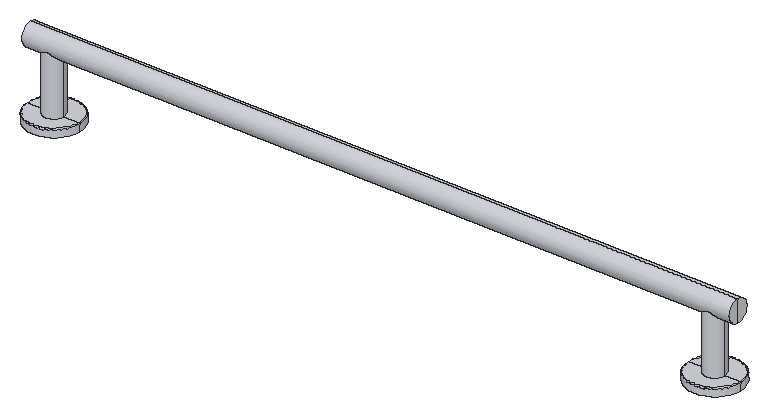
Revit family "Accessory-Towel_Bar-KOHLER-Stillness-K-14451", category Specialty Equipment, host Face, Revit 2015
Parameters (values of type "CP-Polished Chrome")
  Width = 2 31/32"  # constant formula
  URL = "https://www.us.kohler.com/us/"
  Type = 1
  Product Page URL = "http://www.us.kohler.com/us/catalog/productDetails.jsp?productNumber=14451"
  Product Name = "Stillness"  # constant formula
  Product Documentation Link = "http://www.us.kohler.com/onlinecatalog/pdf/K-14451_spec.pdf"
  Model = if(Type = 1, "K-14451-CP", if(Type = 2, "K-14451-BN", "NA"))  # "K-14451-CP"
  Material = "Solid Brass Construction"  # constant formula
  MasterFormat 2004 = "10.28.13"  # constant formula
  MasterFormat 1995 = "10820"  # constant formula
  Manufacturer Address = "444 Highland Dr, Kohler, WI 53044"  # constant formula
  Manufacturer = "KOHLER Co."  # constant formula
  Length = 25 11/16"  # constant formula
  Height = 1 7/8"  # constant formula
  Finish = Kohler-Metal-CP-Polished_Chrome
  Environmental Product Declaration = ""
  Description = "24inch towel bar"  # constant formula
  Default Elevation = 42"
  Declare Label = ""
  Date Modified = "08/23/2018"  # constant formula
  Date Created = "08/23/2018"  # constant formula
  Copyright = "Copyright KOHLER Co."  # constant formula
  Contact Us = "https://www.us.kohler.com/us/static/contact.jsp"
  Assembly Code = "C1030200"
  ADA Compliant = 1 = 0  # no
Types (3): name | Type | Model | Finish
  (no name) | 1 | "K-14451-CP" | Kohler-Metal-CP-Polished_Chrome
  CP-Polished Chrome | 1 | "K-14451-CP" | Kohler-Metal-CP-Polished_Chrome
  BN-Vibrant Brushed Nickel | 2 | "K-14451-BN" | Kohler-Metal-BN-Vibrant_Brushed_Nickel
Reference planes (in)
  plane 1 "Center (Front/Back)": y = 0
  plane 2: z = 0
  plane 3 "Center (Left/Right)": x = 0
  plane 4: z = 2.96875
  plane 5: y = 0.9375
  plane 6: y = -0.9375
  plane 7: x = -12.84375
  plane 8: x = 12.84375
Dimensions and locks (in)
  "Width": plane 4 to plane 2
  "Height": plane 6 to plane 5
  "Length": plane 7 to plane 8
  aligned and locked: plane 2 to host face
  aligned and locked: level to host face
Automatic sketch dimensions
  host sketch curve to host sketch curve = 96"  (x2)
Nested families (in)
  nested 1: "K-14451" at (0, 0, 0), type "K-14451"
Definition of nested family "K-14451"
  Parameters (values of type "K-14451")
    Material = none
    Half Length1 = Half Length + 27/32"  # 12 27/32"
    Half Length = Center Dist / 2  # 12"
    Center Dist = 24"
  Reference planes (in)
    plane 1 "Center (Front/Back)": y = 0
    plane 2: z = 0
    plane 3 "Center (Left/Right)": x = 0
    plane 4: y = 0.9375
    plane 5: y = -0.9375
    plane 6: x = -12
    plane 7: x = 12
    plane 8: z = 2.96875
  Forms (in)
    Revolve 1, solid, material <- "Material", detail levels medium+fine
      sketch origin (0, 0, 0) x (1, 0, 0) y (0, 0, 1)
        loop
          line (-12, 0) -> (-12, 2.48942) -> (-12.36214, 2.48942) -> (-12.36214, 0.27559) -> (-12.93304, 0.27559)
          arc (-12.93304, 0.27559) -> (-12.94698, 0.26982) -> (-12.95276, 0.25588) r 0.01971
          line (-12.95276, 0.25588) -> (-12.95276, 0) -> (-12, 0)
        axis (-12, 2.48942) -> (-12, 0)
      angle from 0 to 360
    Revolve 2, solid, material <- "Material", detail levels medium+fine
      sketch origin (0, 0, 0) x (-1, 0, 0) y (0, 0, 1)
        loop
          line (-12, 0) -> (-12, 2.49261) -> (-12.36214, 2.49261) -> (-12.36214, 0.27559) -> (-12.93275, 0.27559)
          arc (-12.93275, 0.27559) -> (-12.9469, 0.26973) -> (-12.95276, 0.25559) r 0.02
          line (-12.95276, 0.25559) -> (-12.95276, 0) -> (-12, 0)
        axis (-12, 2.49261) -> (-12, 0)
      angle from 0 to 360
    Revolve 3, solid, material <- "Material", detail levels medium+fine
      sketch origin (0, 0, 0) x (1, 0, 0) y (0, 0, 1)
        loop
          line (-12.84375, 2.95136) -> (-12.84375, 2.55766) -> (12.84375, 2.55766) -> (12.84375, 2.95136) -> (-12.84375, 2.95136)
        axis (12.84375, 2.55766) -> (-12.84375, 2.55766)
      angle from 0 to 360
    Extrusion 4, solid, material <- "Material", detail levels coarse
      sketch origin (0, 0, 0) x (0, 1, 0) y (0, 0, 1)
        loop
          circle (0, 2.55766) r 0.3937
      from -12.84375 to 12.84375
    Extrusion 5, solid, material <- "Material", detail levels coarse
      sketch origin (0, 0, 0) x (1, 0, 0) y (0, 1, 0)
        loop
          circle (-12, 0) r 0.37
        loop
          circle (12, 0) r 0.37109
      from 0 to 2.52422
  Cuts and joins
    joined: Revolve 1, Revolve 2, Revolve 3
    joined: Extrusion 4, Extrusion 5
  Lines and regions (in)
    Masking region 1
      outline origin (0, 0, 0) x (1, 0, 0) y (0, 0, 1)
        loop
          line (-12.84375, 2.96875) -> (-12.84375, 2.16396) -> (-12.36214, 2.16396) -> (-12.36214, 0.27553) -> (-12.93318, 0.27553)
          arc (-12.93318, 0.27553) -> (-12.94702, 0.2698) -> (-12.95276, 0.25596) r 0.01957
          line (-12.95276, 0.25596) -> (-12.95276, 0) -> (-11.04731, 0) -> (-11.04731, 0.25596)
          arc (-11.04731, 0.25596) -> (-11.05304, 0.2698) -> (-11.06688, 0.27553) r 0.01957
          line (-11.06688, 0.27553) -> (-11.63786, 0.27553) -> (-11.63786, 2.16396) -> (11.63786, 2.16396) -> (11.63786, 0.27559) -> (11.06682, 0.27559)
          arc (11.06682, 0.27559) -> (11.05298, 0.26986) -> (11.04724, 0.25602) r 0.01957
          line (11.04724, 0.25602) -> (11.04724, 0) -> (12.95276, 0) -> (12.95276, 0.25602)
          arc (12.95276, 0.25602) -> (12.94702, 0.26986) -> (12.93318, 0.27559) r 0.01957
          line (12.93318, 0.27559) -> (12.36214, 0.27559) -> (12.36214, 2.16396) -> (12.84375, 2.16396) -> (12.84375, 2.96875) -> (-12.84375, 2.96875)
    Masking region 2
      outline origin (0, 0, 0) x (0, 1, 0) y (0, 0, 1)
        loop
          line (-0.9375, 0) -> (0.9375, 0) -> (0.9375, 0.25558)
          arc (0.9375, 0.25558) -> (0.93164, 0.26973) -> (0.91748, 0.27559) r 0.02002
          line (0.91748, 0.27559) -> (0.36214, 0.27559) -> (0.36214, 2.40322)
          arc (0.36214, 2.40322) -> (0, 2.96875) -> (-0.36214, 2.40322) r 0.39872
          line (-0.36214, 2.40322) -> (-0.36214, 0.27559) -> (-0.91748, 0.27559)
          arc (-0.91748, 0.27559) -> (-0.93164, 0.26973) -> (-0.9375, 0.25558) r 0.02002
          line (-0.9375, 0.25558) -> (-0.9375, 0)
    Masking region 3
      outline origin (0, 0, 0) x (1, 0, 0) y (0, 1, 0)
        loop
          arc (-11.14917, 0.3937) -> (-12.9375, 0) -> (-11.14917, -0.3937) r 0.9375
          line (-11.14917, -0.3937) -> (11.14917, -0.3937)
          arc (11.14917, -0.3937) -> (12.9375, 0) -> (11.14917, 0.3937) r 0.9375
          line (11.14917, 0.3937) -> (-11.14917, 0.3937)
    symbolic lines, detail levels medium+fine
      curve 1: line (-12.36214, 0, 0.27559) -> (-11.63786, 0, 0.27559)
      curve 2: line (11.63786, 0, 0.27559) -> (12.36214, 0, 0.27559)
      curve 3: line (-11.63786, 0, 2.16396) -> (-12.36214, 0, 2.16396)
      curve 4: line (12.36214, 0, 2.16396) -> (11.63786, 0, 2.16396)
      curve 5: line (0, 0.36214, 0.27559) -> (0, -0.36214, 0.27559)
      curve 6: arc (0, 0.36214, 2.40322) -> (0, 0, 2.16396) -> (0, -0.36214, 2.40322) r 0.3937
      curve 7: line (-12.84375, 0.3937, 0) -> (-12.84375, -0.3937, 0)
      curve 8: line (12.84375, 0.3937, 0) -> (12.84375, -0.3937, 0)
      curve 9: line (-11.14917, -0.3937, 0) -> (-12.84375, -0.3937, 0)
      curve 10: line (-11.14917, 0.3937, 0) -> (-12.84375, 0.3937, 0)
      curve 11: line (11.14917, 0.3937, 0) -> (12.84375, 0.3937, 0)
      curve 12: line (11.14917, -0.3937, 0) -> (12.84375, -0.3937, 0)
  Dimensions and locks (in)
    "Half Length": Revolve 1 sketch curve to plane 3 "Center (Left/Right)"
    "Half Length": Revolve 2 sketch curve to plane 3 "Center (Left/Right)"
    equal spacing: Revolve 3 sketch curve, plane 3 "Center (Left/Right)", Revolve 3 sketch curve
    "Half Length1": plane 3 "Center (Left/Right)" to Revolve 3 sketch curve
    plane 4 to plane 5 = 1 7/8"
    equal spacing: plane 6, plane 3 "Center (Left/Right)", plane 7
    "Center Dist": plane 6 to plane 7
    plane 8 to plane 2 = 2 31/32"
    aligned and locked: plane 2 to level
    aligned and locked: Revolve 1 sketch curve to Revolve 1 sketch curve  (x2)
    aligned and locked: Revolve 2 sketch curve to Revolve 2 sketch curve  (x2)
    aligned and locked: Masking region 1 sketch curve to cut or joined group of Revolve 1, Revolve 2, Revolve 3  (x12)
    aligned and locked: cut or joined group of Revolve 1, Revolve 2, Revolve 3 to Masking region 1 sketch curve
    aligned and locked: Masking region 1 sketch curve to Masking region 1 sketch curve
    aligned and locked: cut or joined group of Revolve 1, Revolve 2, Revolve 3 to curve 1
    aligned and locked: Masking region 1 to curve 1  (x2)
    aligned and locked: Masking region 1 to curve 2
    aligned and locked: curve 2 to Masking region 1
    aligned and locked: curve 3 to Masking region 1
    aligned and locked: Masking region 1 to curve 3
    aligned and locked: curve 4 to Masking region 1
    aligned and locked: Masking region 1 to curve 4
    aligned and locked: plane 6 to Masking region 3 sketch curve
    aligned and locked: plane 7 to Masking region 3 sketch curve
    aligned and locked: curve 7 to cut or joined group of Revolve 1, Revolve 2, Revolve 3
    aligned and locked: curve 8 to cut or joined group of Revolve 1, Revolve 2, Revolve 3
    aligned and locked: Extrusion 4 to cut or joined group of Revolve 1, Revolve 2, Revolve 3  (x2)
    aligned and locked: plane 6 to Extrusion 5 sketch curve
    aligned and locked: plane 7 to Extrusion 5 sketch curve
  Automatic sketch dimensions
    Revolve 1 sketch curve to level = 0"
    level to Revolve 1 sketch curve = 0.27559"
    Revolve 1 sketch curve to Revolve 1 sketch curve = 0.36214"
    Revolve 1 sketch curve to Revolve 1 sketch curve = 0.5709"
    Revolve 1 sketch curve to Revolve 1 sketch curve = 0.01971"
    Revolve 1 sketch curve to Revolve 1 sketch curve = 2.21383"
    Revolve 1 sketch curve to level = 1/2"
    Revolve 2 sketch curve to level = 0"
    Revolve 2 sketch curve to level = 0.27559"
    Revolve 2 sketch curve to Revolve 2 sketch curve = 0.36214"
    Revolve 2 sketch curve to level = 0.25559"
    Revolve 2 sketch curve to Revolve 2 sketch curve = 0.57061"
    Revolve 2 sketch curve to Revolve 2 sketch curve = 2.21702"
    level to Revolve 2 sketch curve = 1/2"
    level to Revolve 3 sketch curve = 2.95136"
    Revolve 3 sketch curve to Revolve 3 sketch curve = 0.3937"
    Revolve 3 sketch curve to Revolve 3 sketch curve = 17/256"
    Revolve 3 sketch curve to Revolve 3 sketch curve = 0.3696"
    Revolve 3 sketch curve to Revolve 3 sketch curve = 0"
    Masking region 1 sketch curve to Masking region 1 sketch curve = 0.01957"  (x4)
    level to Masking region 1 sketch curve = 0.27553"
    Masking region 1 sketch curve to Masking region 1 sketch curve = 0.57098"
    level to Masking region 1 sketch curve = 0.25602"  (x2)
    Masking region 1 sketch curve to Masking region 1 sketch curve = 0"
    Masking region 1 sketch curve to Masking region 1 sketch curve = 0.80479"
    level to curve 2 = 0.27559"
    curve 1 to curve 3 = 1.88837"
    curve 2 to curve 4 = 1.88837"
    curve 6 to plane 1 "Center (Front/Back)" = 0"
    level to curve 6 = 2.55766"
    plane 1 "Center (Front/Back)" to curve 6 = 0.36214"
    plane 1 "Center (Front/Back)" to curve 5 = 0.36214"
    curve 6 to plane 1 "Center (Front/Back)" = 0.36214"
    curve 5 to plane 1 "Center (Front/Back)" = 0.36214"
    curve 6 to curve 6 = 0.15444"
    level to curve 5 = 0.27559"
    plane 1 "Center (Front/Back)" to Masking region 3 sketch curve = 0"  (x2)
    plane 1 "Center (Front/Back)" to Masking region 3 sketch curve = 0.3937"
    plane 6 to Masking region 3 sketch curve = 0.85083"
    plane 7 to Masking region 3 sketch curve = 0.85083"
    Masking region 3 sketch curve to Masking region 3 sketch curve = 0"
    plane 1 "Center (Front/Back)" to curve 9 = 0.3937"
    curve 10 to plane 1 "Center (Front/Back)" = 0.3937"
    curve 11 to plane 1 "Center (Front/Back)" = 0.3937"
    plane 6 to curve 9 = 0.85083"
    curve 10 to curve 9 = 0"
    plane 7 to curve 11 = 0.85083"
    plane 1 "Center (Front/Back)" to curve 12 = 0.3937"
    curve 12 to curve 11 = 0"
    plane 1 "Center (Front/Back)" to Extrusion 5 sketch curve = 0"  (x2)
    Masking region 2 sketch curve to level = 0"
    Masking region 2 sketch curve to plane 5 = 0"
    Masking region 2 sketch curve to plane 1 "Center (Front/Back)" = 0"
    Masking region 2 sketch curve to plane 4 = 0"
    Masking region 2 sketch curve to plane 5 = 0.02002"
    plane 1 "Center (Front/Back)" to Masking region 2 sketch curve = 0.36214"
    Masking region 2 sketch curve to plane 1 "Center (Front/Back)" = 0.36214"
    Masking region 2 sketch curve to plane 4 = 0.02002"
    Masking region 2 sketch curve to Masking region 2 sketch curve = 0.25558"
    level to Masking region 2 sketch curve = 0.25558"
    Masking region 2 sketch curve to plane 8 = 0.56553"
    Masking region 2 sketch curve to Masking region 2 sketch curve = 0.16682"
    radius of Extrusion 5 sketch curve = 0.37"
    radius of Extrusion 5 sketch curve = 95/256"
